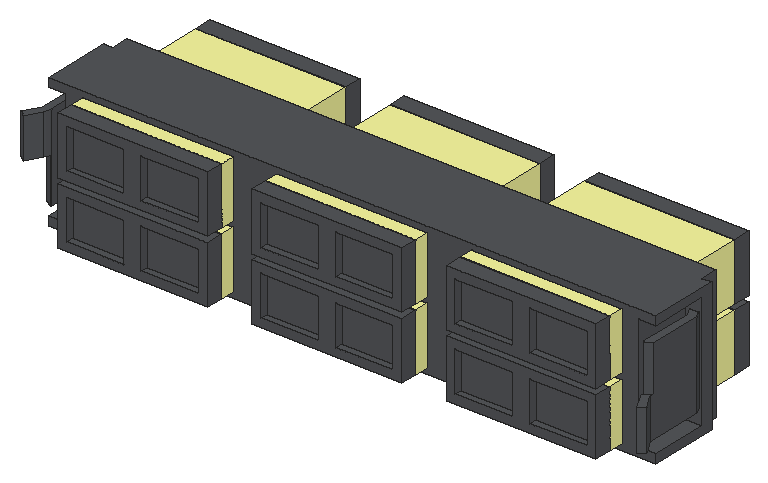
Revit family "SC Duplex 12 fibers", category Installations électriques, Revit 2020
Family settings
  Conserver l'orientation des annotations = Non
  Cote de connecteur circulaire = Utiliser le diamètre
  Type d'élément = Normal
  Basée sur le plan de construction = Non
  Toujours verticalement = Oui
  Couper avec des vides une fois chargée = Non
  Partagée = Non
  Point de calcul de pièce = Non
Parameters (values of type "SC Duplex block 12 fibers multimode")
  Width of the connectors = 26 mm
  Width (mm) = 108.8 mm
  Type of connector interior = "SC_DUPLEX"
  Type of connector external = "SC_DUPLEX"
  Storage temperature = "-10°C à 60°C"
  RAL Number = "9017"
  Operating temperature = "-10°C à 60°C"
  Opening width = 6 mm
  Opening height = 1 mm
  Number of connectors = 12
  Legrand part number = "032121"
  IP = "IP20"
  IK = "IK04"
  Height of the connectors = 10 mm
  Height = 23 mm
  Function = "Patch panels with optical connector Legrand"
  Fiber optic type = "Multimode"
  Elévation par défaut = 0 mm
  ETIM class = "EC001130"
  EAN = "3414970961839"
  E-catalogue link = "https://www.legrand.fr/reference/032121/pro"
  Depth = 33.3 mm
  Colour of the connectors = IDS_JAUNE
  Color = IDS_NOIR
  BIM wording = "SC Duplex block 12 fibers multimode"
Types (2, lengths in mm): name | Legrand part number | Fiber optic type | EAN | E-catalogue link | Colour of the connectors | BIM wording
  SC Duplex block 12 fibers multimode | "032121" | "Multimode" | "3414970961839" | "https://www.legrand.fr/reference/032121/pro" | IDS_JAUNE | "SC Duplex block 12 fibers multimode"
  SC Duplex block 12 fibers monomode | "032111" | "Single mode" | "3414970961679" | "https://www.legrand.fr/reference/032111/pro" | IDS_BLEU | "SC Duplex block 12 fibers monomode"
Reference planes
  plane 1 "Centre (avant/arrière)": y = 0
  plane 2: z = 0
  plane 3 "Centre (gauche/droite)": x = 0
  plane 4 "Clip bas": z = 4
  plane 5 "Clip haut": z = 19
  plane 6: x = 105.5
  plane 7: x = 52.75
  plane 8: through (0.797, -2.504, 1200) normal (-0.866, 0.5, 0)
  plane 9: z = 1
  plane 10: z = 11
  plane 11: z = 12
  plane 12: z = 22
  plane 13: x = 6
  plane 14: x = 32
  plane 15: z = 23
  plane 16: x = 39.75
  plane 17: x = 65.75
  plane 18: x = 73.5
  plane 19: x = 99.5
  plane 20: y = -2.5
  plane 21: y = 24.5
  plane 22: y = 11
Forms (mm)
  Extrusion 1, solid, material "IDS_NOIR"
    sketch origin (0, 0, 0) x (1, 0, 0) y (0, 1, 0)
      loop
        line (0, 0) -> (105.5, 0) -> (105.5, 12) -> (103.9, 12) -> (103.9, 15) -> (1.6, 15) -> (1.6, 12) -> (0, 12) -> (0, 0)
    from 0 to 23
  Extrusion 2, void
    sketch origin (0, 0, 0) x (-1, 0, 0) y (0, 0, 1)
      loop
        line (0, 21.5) -> (-3, 21.5) -> (-3, 1.5) -> (0, 1.5) -> (0, 21.5)
      loop
        line (-105.5, 21.5) -> (-105.5, 1.5) -> (-102.5, 1.5) -> (-102.5, 21.5) -> (-105.5, 21.5)
    from 0 to 10
  Extrusion 3, solid, material "IDS_NOIR"
    sketch origin (0, 25.162, 4) x (0, 1, 0) y (-1, 0, 0)
      loop
        line (-29.912, 0.5) -> (-27.374, -0.965)
        arc (-27.374, -0.965) -> (-26.771, -1.215) -> (-26.124, -1.3) r 2.5
        line (-26.124, -1.3) -> (-16.662, -1.3) -> (-15.162, -2.166) -> (-15.162, -0.665) -> (-16.313, 0) -> (-26.446, 0) -> (-29.262, 1.626) -> (-29.912, 0.5)
      loop
        line (-29.912, -106) -> (-29.262, -107.126) -> (-26.446, -105.5) -> (-16.313, -105.5) -> (-15.162, -104.835) -> (-15.162, -103.334) -> (-16.662, -104.2) -> (-26.124, -104.2)
        arc (-26.124, -104.2) -> (-26.771, -104.285) -> (-27.374, -104.535) r 2.5
        line (-27.374, -104.535) -> (-29.912, -106)
    from 0 to 15
  Extrusion 4, void
    sketch origin (0.797, -2.504, 1200) x (0.5, 0.866025, 0) y (0, 0, 1)
      loop
        line (-2.593, -1196) -> (1.407, -1196) -> (1.407, -1188) -> (-2.593, -1188) -> (-2.593, -1196)
    from 0 to -2.615
  Extrusion 5, void
    sketch origin (104.703, -2.504, 1200) x (-0.5, 0.866025, 0) y (0, 0, -1)
      loop
        line (-2.593, 1181) -> (1.407, 1181) -> (1.407, 1189) -> (-2.593, 1189) -> (-2.593, 1181)
    from 0 to -2.615
  Extrusion 6, void
    sketch origin (2.941, 0, 0) x (-1, 0, 0) y (0, 0, 1)
      loop
        line (-3.059, 11) -> (-29.059, 11) -> (-29.059, 1) -> (-3.059, 1) -> (-3.059, 11)
      loop
        line (-36.809, 1) -> (-36.809, 11) -> (-62.809, 11) -> (-62.809, 1) -> (-36.809, 1)
      loop
        line (-70.559, 11) -> (-96.559, 11) -> (-96.559, 1) -> (-70.559, 1) -> (-70.559, 11)
    from 0 to 15
  Extrusion 7, void
    sketch origin (0, 0, 0) x (-1, 0, 0) y (0, 0, 1)
      loop
        line (-6, 12) -> (-6, 22) -> (-32, 22) -> (-32, 12) -> (-6, 12)
      loop
        line (-39.75, 12) -> (-39.75, 22) -> (-65.75, 22) -> (-65.75, 12) -> (-39.75, 12)
      loop
        line (-73.5, 22) -> (-99.5, 22) -> (-99.5, 12) -> (-73.5, 12) -> (-73.5, 22)
    from 0 to 15
  Extrusion 8, solid, material "IDS_JAUNE" <- "Colour of the connectors"
    sketch origin (3.409, -2.5, 1200) x (-1, 0, 0) y (0, 0, 1)
      loop
        line (-2.591, -1189) -> (-28.591, -1189) -> (-28.591, -1199) -> (-2.591, -1199) -> (-2.591, -1189)
      loop
        line (-2.591, -1178) -> (-28.591, -1178) -> (-28.591, -1188) -> (-2.591, -1188) -> (-2.591, -1178)
      loop
        line (-36.341, -1188) -> (-36.341, -1178) -> (-62.341, -1178) -> (-62.341, -1188) -> (-36.341, -1188)
      loop
        line (-70.091, -1188) -> (-70.091, -1178) -> (-96.091, -1178) -> (-96.091, -1188) -> (-70.091, -1188)
      loop
        line (-70.091, -1189) -> (-96.091, -1189) -> (-96.091, -1199) -> (-70.091, -1199) -> (-70.091, -1189)
      loop
        line (-62.341, -1199) -> (-36.341, -1199) -> (-36.341, -1189) -> (-62.341, -1189) -> (-62.341, -1199)
    from 0 to 27
  Extrusion 9, solid, material "IDS_NOIR"
    sketch origin (3.409, -2.5, 1200) x (-1, 0, 0) y (0, 0, 1)
      loop
        line (-2.591, -1188) -> (-2.591, -1178) -> (-28.591, -1178) -> (-28.591, -1188) -> (-2.591, -1188)
      loop
        line (-2.591, -1189) -> (-28.591, -1189) -> (-28.591, -1199) -> (-2.591, -1199) -> (-2.591, -1189)
      loop
        line (-36.341, -1188) -> (-36.341, -1178) -> (-62.341, -1178) -> (-62.341, -1188) -> (-36.341, -1188)
      loop
        line (-36.341, -1189) -> (-62.341, -1189) -> (-62.341, -1199) -> (-36.341, -1199) -> (-36.341, -1189)
      loop
        line (-70.091, -1178) -> (-96.091, -1178) -> (-96.091, -1188) -> (-70.091, -1188) -> (-70.091, -1178)
      loop
        line (-70.091, -1189) -> (-96.091, -1189) -> (-96.091, -1199) -> (-70.091, -1199) -> (-70.091, -1189)
    from 0 to -3
  Extrusion 10, void
    sketch origin (3.409, -5.5, 1200) x (-1, 0, 0) y (0, 0, 1)
      loop
        line (-17.091, -1179.5) -> (-27.091, -1179.5) -> (-27.091, -1186.5) -> (-17.091, -1186.5) -> (-17.091, -1179.5)
      loop
        line (-4.091, -1186.5) -> (-4.091, -1179.5) -> (-14.091, -1179.5) -> (-14.091, -1186.5) -> (-4.091, -1186.5)
      loop
        line (-17.091, -1190.5) -> (-27.091, -1190.5) -> (-27.091, -1197.5) -> (-17.091, -1197.5) -> (-17.091, -1190.5)
      loop
        line (-4.091, -1197.5) -> (-4.091, -1190.5) -> (-14.091, -1190.5) -> (-14.091, -1197.5) -> (-4.091, -1197.5)
      loop
        line (-50.841, -1179.5) -> (-60.841, -1179.5) -> (-60.841, -1186.5) -> (-50.841, -1186.5) -> (-50.841, -1179.5)
      loop
        line (-37.841, -1186.5) -> (-37.841, -1179.5) -> (-47.841, -1179.5) -> (-47.841, -1186.5) -> (-37.841, -1186.5)
      loop
        line (-71.591, -1179.5) -> (-81.591, -1179.5) -> (-81.591, -1186.5) -> (-71.591, -1186.5) -> (-71.591, -1179.5)
      loop
        line (-94.591, -1186.5) -> (-84.591, -1186.5) -> (-84.591, -1179.5) -> (-94.591, -1179.5) -> (-94.591, -1186.5)
      loop
        line (-81.591, -1190.5) -> (-81.591, -1197.5) -> (-71.591, -1197.5) -> (-71.591, -1190.5) -> (-81.591, -1190.5)
      loop
        line (-94.591, -1197.5) -> (-84.591, -1197.5) -> (-84.591, -1190.5) -> (-94.591, -1190.5) -> (-94.591, -1197.5)
      loop
        line (-60.841, -1190.5) -> (-60.841, -1197.5) -> (-50.841, -1197.5) -> (-50.841, -1190.5) -> (-60.841, -1190.5)
      loop
        line (-37.841, -1190.5) -> (-47.841, -1190.5) -> (-47.841, -1197.5) -> (-37.841, -1197.5) -> (-37.841, -1190.5)
    from 0 to 1.3
  Extrusion 11, solid, material "IDS_NOIR"
    sketch origin (3.409, 24.5, 1200) x (-1, 0, 0) y (0, 0, -1)
      loop
        line (-2.591, 1188) -> (-28.591, 1188) -> (-28.591, 1178) -> (-2.591, 1178) -> (-2.591, 1188)
      loop
        line (-2.591, 1189) -> (-2.591, 1199) -> (-28.591, 1199) -> (-28.591, 1189) -> (-2.591, 1189)
      loop
        line (-36.341, 1188) -> (-62.341, 1188) -> (-62.341, 1178) -> (-36.341, 1178) -> (-36.341, 1188)
      loop
        line (-36.341, 1189) -> (-36.341, 1199) -> (-62.341, 1199) -> (-62.341, 1189) -> (-36.341, 1189)
      loop
        line (-70.091, 1178) -> (-70.091, 1188) -> (-96.091, 1188) -> (-96.091, 1178) -> (-70.091, 1178)
      loop
        line (-70.091, 1189) -> (-70.091, 1199) -> (-96.091, 1199) -> (-96.091, 1189) -> (-70.091, 1189)
    from 0 to -3
  Extrusion 12, void
    sketch origin (3.409, 27.5, 1200) x (-1, 0, 0) y (0, 0, -1)
      loop
        line (-17.091, 1179.5) -> (-17.091, 1186.5) -> (-27.091, 1186.5) -> (-27.091, 1179.5) -> (-17.091, 1179.5)
      loop
        line (-4.091, 1186.5) -> (-14.091, 1186.5) -> (-14.091, 1179.5) -> (-4.091, 1179.5) -> (-4.091, 1186.5)
      loop
        line (-17.091, 1190.5) -> (-17.091, 1197.5) -> (-27.091, 1197.5) -> (-27.091, 1190.5) -> (-17.091, 1190.5)
      loop
        line (-4.091, 1197.5) -> (-14.091, 1197.5) -> (-14.091, 1190.5) -> (-4.091, 1190.5) -> (-4.091, 1197.5)
      loop
        line (-50.841, 1179.5) -> (-50.841, 1186.5) -> (-60.841, 1186.5) -> (-60.841, 1179.5) -> (-50.841, 1179.5)
      loop
        line (-37.841, 1186.5) -> (-47.841, 1186.5) -> (-47.841, 1179.5) -> (-37.841, 1179.5) -> (-37.841, 1186.5)
      loop
        line (-71.591, 1179.5) -> (-71.591, 1186.5) -> (-81.591, 1186.5) -> (-81.591, 1179.5) -> (-71.591, 1179.5)
      loop
        line (-94.591, 1186.5) -> (-94.591, 1179.5) -> (-84.591, 1179.5) -> (-84.591, 1186.5) -> (-94.591, 1186.5)
      loop
        line (-81.591, 1190.5) -> (-71.591, 1190.5) -> (-71.591, 1197.5) -> (-81.591, 1197.5) -> (-81.591, 1190.5)
      loop
        line (-94.591, 1197.5) -> (-94.591, 1190.5) -> (-84.591, 1190.5) -> (-84.591, 1197.5) -> (-94.591, 1197.5)
      loop
        line (-60.841, 1190.5) -> (-50.841, 1190.5) -> (-50.841, 1197.5) -> (-60.841, 1197.5) -> (-60.841, 1190.5)
      loop
        line (-37.841, 1190.5) -> (-37.841, 1197.5) -> (-47.841, 1197.5) -> (-47.841, 1190.5) -> (-37.841, 1190.5)
    from 0 to 1.3
Cuts and joins
  Extrusion 2, Extrusion 6, Extrusion 7 cuts Extrusion 1
  Extrusion 4, Extrusion 5 cuts Extrusion 3
  Extrusion 10, Extrusion 12 cuts Extrusion 9
  Extrusion 12 cuts Extrusion 11
Dimensions and locks
  locked: plane 1 "Centre (avant/arrière)" to Extrusion 1 sketch curve at 15
  locked: Extrusion 1 sketch curve to Extrusion 1 sketch curve at 105.5
  locked: Extrusion 1 sketch curve to Extrusion 1 sketch curve at 1.6  (x2)
  locked: Extrusion 1 sketch curve to Extrusion 1 sketch curve at 12
  locked: Extrusion 2 sketch curve to level at 1.5
  locked: Extrusion 1 to Extrusion 2 sketch curve at 1.5
  locked: Extrusion 2 sketch curve to plane 3 "Centre (gauche/droite)" at 3
  locked: Extrusion 2 sketch curve to Extrusion 1 at 3
  plane 4 "Clip bas" to level = 4 mm
  cut or joined group of Extrusion 1, Extrusion 2, Extrusion 6, Extrusion 7 to plane 5 "Clip haut" = 4 mm
  locked: Extrusion 3 sketch curve to plane 3 "Centre (gauche/droite)" at 0.5
  locked: Extrusion 3 sketch curve to plane 1 "Centre (avant/arrière)" at 4.75
  locked: plane 3 "Centre (gauche/droite)" to Extrusion 3 sketch curve at 1.3
  plane 1 "Centre (avant/arrière)" to Extrusion 3 sketch curve = 8.5 mm
  equal spacing: plane 3 "Centre (gauche/droite)", plane 7, plane 6, locked at 52.75 each
  locked: Extrusion 3 to Extrusion 4 sketch curve at 4
  locked: Extrusion 3 to Extrusion 4 sketch curve at 8
  cut or joined group of Extrusion 3, Extrusion 4, Extrusion 5 to Extrusion 5 sketch curve = 8 mm
  Extrusion 5 sketch curve to cut or joined group of Extrusion 3, Extrusion 4, Extrusion 5 = 4 mm
  "Opening height": plane 9 to level
  "Height of the connectors": plane 10 to plane 9
  "Height of the connectors": plane 12 to plane 11
  "Opening width": plane 13 to plane 3 "Centre (gauche/droite)"
  "Width of the connectors": plane 13 to plane 14
  locked: plane 15 to level at 23
  "Opening height": plane 15 to plane 12
  "Width of the connectors": plane 16 to plane 17
  plane 14 to plane 16 = 7.75 mm
  plane 17 to plane 18 = 7.75 mm
  "Width of the connectors": plane 18 to plane 19
  locked: plane 20 to cut or joined group of Extrusion 1, Extrusion 2, Extrusion 6, Extrusion 7 at 2.5
  locked: plane 21 to cut or joined group of Extrusion 1, Extrusion 2, Extrusion 6, Extrusion 7 at 9.5
  equal spacing: plane 21, plane 22, plane 20, locked at 13.5 each
  locked: cut or joined group of Extrusion 1, Extrusion 2, Extrusion 6, Extrusion 7 to Extrusion 3 sketch curve (angle 60.00°)
  aligned and locked: level to plane 2
  aligned and locked: plane 5 "Clip haut" to Extrusion 3
  aligned and locked: Extrusion 3 to plane 4 "Clip bas"
  aligned and locked: plane 6 to cut or joined group of Extrusion 1, Extrusion 2, Extrusion 6, Extrusion 7
  aligned and locked: Extrusion 4 sketch curve to Extrusion 3
  aligned and locked: Extrusion 3 to Extrusion 4 sketch curve
  aligned and locked: plane 8 to Extrusion 3
  aligned and locked: Extrusion 5 sketch curve to cut or joined group of Extrusion 3, Extrusion 4, Extrusion 5
  aligned and locked: plane 15 to cut or joined group of Extrusion 1, Extrusion 2, Extrusion 6, Extrusion 7
  aligned and locked: Extrusion 6 to plane 9
  aligned and locked: plane 10 to Extrusion 6
  aligned and locked: plane 13 to Extrusion 6
  aligned and locked: Extrusion 6 to plane 14
  aligned and locked: plane 9 to Extrusion 6 sketch curve
  aligned and locked: Extrusion 6 sketch curve to plane 16
  aligned and locked: Extrusion 6 sketch curve to plane 10
  aligned and locked: Extrusion 6 sketch curve to plane 17
  aligned and locked: plane 10 to Extrusion 6 sketch curve
  aligned and locked: plane 18 to Extrusion 6 sketch curve
  aligned and locked: Extrusion 6 sketch curve to plane 9
  aligned and locked: plane 19 to Extrusion 6 sketch curve
  aligned and locked: plane 11 to Extrusion 7 sketch curve  (x2)
  aligned and locked: Extrusion 7 sketch curve to plane 12  (x2)
  aligned and locked: plane 14 to Extrusion 7 sketch curve
  aligned and locked: Extrusion 7 sketch curve to plane 13
  aligned and locked: Extrusion 7 sketch curve to plane 16
  aligned and locked: plane 17 to Extrusion 7 sketch curve
  aligned and locked: plane 12 to Extrusion 7 sketch curve
  aligned and locked: plane 18 to Extrusion 7 sketch curve
  aligned and locked: Extrusion 7 sketch curve to plane 11
  aligned and locked: plane 19 to Extrusion 7 sketch curve
  aligned and locked: Extrusion 1 to Extrusion 7
  aligned and locked: Extrusion 1 to Extrusion 6
  aligned and locked: Extrusion 8 sketch curve to cut or joined group of Extrusion 1, Extrusion 2, Extrusion 6, Extrusion 7  (x23)
  aligned and locked: plane 21 to Extrusion 8
  aligned and locked: Extrusion 9 sketch curve to Extrusion 8  (x24)
  aligned and locked: Extrusion 2 sketch curve to Extrusion 2 sketch curve  (x2)
Automatic sketch dimensions
  plane 1 "Centre (avant/arrière)" to Extrusion 1 sketch curve = 0 mm
  Extrusion 1 sketch curve to plane 3 "Centre (gauche/droite)" = 0 mm
  plane 22 to Extrusion 1 sketch curve = 1 mm
  Extrusion 3 sketch curve to plane 6 = 0 mm
  Extrusion 3 sketch curve to plane 3 "Centre (gauche/droite)" = 0 mm
  Extrusion 3 sketch curve to plane 6 = 0.5 mm
  Extrusion 3 sketch curve to plane 20 = 2.25 mm
  Extrusion 3 sketch curve to Extrusion 3 sketch curve = 0.65 mm  (x2)
  plane 20 to Extrusion 3 sketch curve = 0.288 mm  (x2)
  plane 20 to Extrusion 3 sketch curve = 1.216 mm
  plane 1 "Centre (avant/arrière)" to Extrusion 3 sketch curve = 0.962 mm  (x2)
  Extrusion 3 sketch curve to plane 22 = 2.5 mm
  Extrusion 3 sketch curve to Extrusion 3 sketch curve = 0.348 mm  (x2)
  Extrusion 3 sketch curve to plane 22 = 1 mm  (x2)
  Extrusion 3 sketch curve to plane 6 = 1.2 mm
  plane 6 to Extrusion 3 sketch curve = 0.665 mm
  Extrusion 3 sketch curve to Extrusion 3 sketch curve = 1.501 mm
  Extrusion 3 sketch curve to Extrusion 3 sketch curve = 0.866 mm
  plane 3 "Centre (gauche/droite)" to Extrusion 3 sketch curve = 0.665 mm
  Extrusion 5 sketch curve to Extrusion 5 sketch curve = 4 mm
  Extrusion 6 sketch curve to plane 9 = 0 mm
  Extrusion 6 sketch curve to plane 14 = 0 mm
  Extrusion 6 sketch curve to plane 10 = 0 mm
  plane 13 to Extrusion 6 sketch curve = 0 mm
  plane 17 to Extrusion 8 sketch curve = 0 mm
  Extrusion 9 to Extrusion 10 sketch curve = 1.5 mm  (x36)
  Extrusion 10 sketch curve to Extrusion 10 sketch curve = 10 mm  (x5)
  Extrusion 10 sketch curve to Extrusion 10 sketch curve = 0 mm
  Extrusion 10 sketch curve to Extrusion 10 sketch curve = 3 mm  (x6)
  Extrusion 11 sketch curve to plane 9 = 0 mm  (x3)
  Extrusion 11 sketch curve to plane 19 = 0 mm  (x2)
  Extrusion 11 sketch curve to plane 12 = 0 mm  (x3)
  plane 18 to Extrusion 11 sketch curve = 0 mm  (x2)
  Extrusion 11 sketch curve to plane 11 = 0 mm  (x3)
  plane 17 to Extrusion 11 sketch curve = 0 mm  (x2)
  plane 16 to Extrusion 11 sketch curve = 0 mm  (x2)
  plane 14 to Extrusion 11 sketch curve = 0 mm  (x2)
  plane 13 to Extrusion 11 sketch curve = 0 mm  (x2)
  Extrusion 11 sketch curve to plane 10 = 0 mm  (x3)
  Extrusion 11 to Extrusion 12 sketch curve = 1.5 mm  (x36)
  Extrusion 12 sketch curve to Extrusion 12 sketch curve = 10 mm  (x5)
  Extrusion 12 sketch curve to Extrusion 12 sketch curve = 0 mm
  Extrusion 12 sketch curve to Extrusion 12 sketch curve = 3 mm  (x6)
  plane 6 to Extrusion 2 sketch curve = 0 mm
  Extrusion 2 sketch curve to plane 3 "Centre (gauche/droite)" = 0 mm
